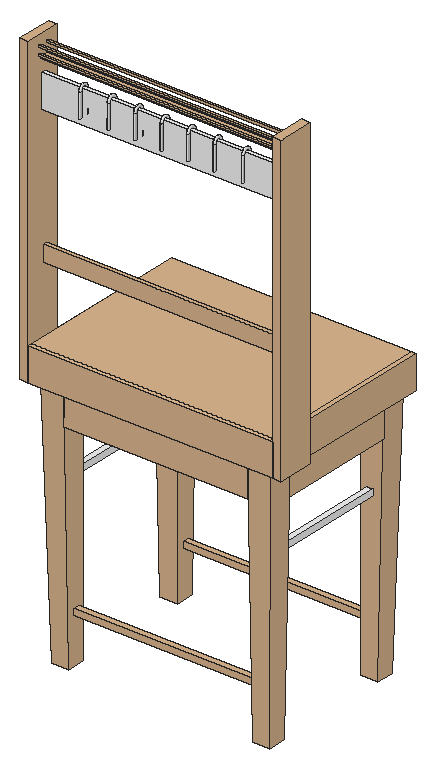
Revit family
Parameters
  Wood = Wood Solid
  Width [instance] = 2' - 8"
  Subcategory = "Recreation Equipment"
  SmartBIM Object Version = 3  # constant formula
  SmartBIM Object Created By = "Reed Construction Data"  # constant formula
  Manufacturer = ""
  Height [instance] = 5' - 9"
  Depth [instance] = 1' - 10"
  Default Elevation = 0' - 0"  # constant formula
  Assembly Code = "E2020200"
  Aluminium = Aluminum Polished
  95 CSI = "12540"
  04 CSI = "12 54 16"
Reference planes (in)
  plane 1 "Center (Front/Back)": y = 0
  plane 2: z = -0.5
  plane 3 "Center (Left/Right)": x = 0.5
  plane 4 "Back": y = 11
  plane 5 "Front": y = -11
  plane 6 "Left": x = -15.5
  plane 7 "Right": x = 16.5
  plane 8 "Top": z = 68.5
  plane 9 "Center (Up/Down)": z = 34.25
  plane 10 "Top of Butcher Block": z = 35
  plane 11: z = 31
  plane 12: x = -14.5
  plane 13: x = 15.5
  plane 14 "Top Face of Counter": z = 35.26079
  plane 15: x = -13.625
  plane 16: x = 14.625
  plane 17: y = 10.125
  plane 18: y = -10.125
  plane 19: z = 27
  plane 20 "Front Drawer Face": y = -11.25
  plane 21 "Back Drawer Face": y = 11.25
  plane 22: z = 29
  plane 23: z = 6.5
  plane 24: y = -8
  plane 25: y = -8.75
  plane 26: y = 8
  plane 27: y = 8.75
  plane 28: z = 21
  plane 29: x = 12.5
  plane 30: x = 13.25
  plane 31: x = -11.5
  plane 32: x = -12.25
  plane 33: y = -6.51861
  plane 34 "Midline": y = -8.7593
  plane 35: z = 43.26079
  plane 36: z = 45.26079
  plane 37: y = -7
  plane 38: y = -10.5
  plane 39: z = 66.5
  plane 40: z = 66.25
  plane 41 "Rack Reference": z = 64.25
  plane 42: z = 60.25
  plane 43: y = -8.25
  plane 44: z = 66.11863
  plane 45: z = 67.5
  plane 46: y = -9.2593
  plane 47: y = -8.51861
  plane 48: y = -9
Forms (in)
  Extrusion 1, solid, material "Wood Solid" <- "Wood"
    sketch origin (0, 0, 0) x (1, 0, 0) y (0, 1, 0)
      loop
        line (-14.5, 11) -> (-14.5, -11) -> (15.5, -11) -> (15.5, 11) -> (-14.5, 11)
    from 31 to 35
  Blend 2, solid, material "Wood Solid" <- "Wood"
    base sketch origin (0, 0, 35) x (-1, 0, 0) y (0, -1, 0)
      loop
        line (14.5, -11) -> (14.5, 11) -> (-15.5, 11) -> (-15.5, -11) -> (14.5, -11)
    top sketch origin (0, 0, 35) x (-1, 0, 0) y (0, -1, 0)
      loop
        line (14.25, -10.75) -> (14.25, 10.75) -> (-15.25, 10.75) -> (-15.25, -10.75) -> (14.25, -10.75)
    from 0 to 0.26079
  Blend 3, solid, material "Wood Solid" <- "Wood"
    base sketch origin (0, 0, 0) x (1, 0, 0) y (0, 1, 0)
      loop
        line (-10.75, -7.25) -> (-12.875, -7.25) -> (-12.875, -9.375) -> (-10.75, -9.375) -> (-10.75, -7.25)
    top sketch origin (0, 0, 0) x (1, 0, 0) y (0, 1, 0)
      loop
        line (-10.75, -7.25) -> (-13.625, -7.25) -> (-13.625, -10.125) -> (-10.75, -10.125) -> (-10.75, -7.25)
    from 0 to 31
  Blend 4, solid, material "Wood Solid" <- "Wood"
    base sketch origin (1, 0, 0) x (-1, 0, 0) y (0, -1, 0)
      loop
        line (-10.75, 7.25) -> (-10.75, 9.375) -> (-12.875, 9.375) -> (-12.875, 7.25) -> (-10.75, 7.25)
    top sketch origin (1, 0, 0) x (-1, 0, 0) y (0, -1, 0)
      loop
        line (-10.75, 7.25) -> (-10.75, 10.125) -> (-13.625, 10.125) -> (-13.625, 7.25) -> (-10.75, 7.25)
    from 0 to 31
  Blend 5, solid, material "Wood Solid" <- "Wood"
    base sketch origin (0, 0, 0) x (1, 0, 0) y (0, 1, 0)
      loop
        line (-10.75, 7.25) -> (-10.75, 9.375) -> (-12.875, 9.375) -> (-12.875, 7.25) -> (-10.75, 7.25)
    top sketch origin (0, 0, 0) x (1, 0, 0) y (0, 1, 0)
      loop
        line (-10.75, 7.25) -> (-10.75, 10.125) -> (-13.625, 10.125) -> (-13.625, 7.25) -> (-10.75, 7.25)
    from 0 to 31
  Blend 6, solid, material "Wood Solid" <- "Wood"
    base sketch origin (1, 0, 0) x (-1, 0, 0) y (0, -1, 0)
      loop
        line (-10.75, -7.25) -> (-12.875, -7.25) -> (-12.875, -9.375) -> (-10.75, -9.375) -> (-10.75, -7.25)
    top sketch origin (1, 0, 0) x (-1, 0, 0) y (0, -1, 0)
      loop
        line (-10.75, -7.25) -> (-13.625, -7.25) -> (-13.625, -10.125) -> (-10.75, -10.125) -> (-10.75, -7.25)
    from 0 to 31
  Extrusion 7, solid, material "Wood Solid" <- "Wood"
    sketch origin (0, 0, 0) x (1, 0, 0) y (0, 1, 0)
      loop
        line (-13.625, 7.25) -> (-13.625, -7.25) -> (-10.75, -7.25) -> (-10.75, -10.125) -> (11.75, -10.125) -> (11.75, -7.25) -> (14.625, -7.25) -> (14.625, 7.25) -> (11.75, 7.25) -> (11.75, 10.125) -> (-10.75, 10.125) -> (-10.75, 7.25) -> (-13.625, 7.25)
    from 27 to 31
  Extrusion 8, solid, material "Aluminum Polished" <- "Aluminium"
    sketch origin (0, 0, 0) x (1, 0, 0) y (0, 0, -1)
      loop
        line (-7.5, -31) -> (8.5, -31) -> (8.5, -27) -> (-7.5, -27) -> (-7.5, -31)
    from 11 to 11.25
  Extrusion 9, solid, material "Wood Solid" <- "Wood"
    sketch origin (0, 0, 0) x (1, 0, 0) y (0, 0, 1)
      loop
        line (-10.75, 6.5) -> (-10.75, 5.75) -> (11.75, 5.75) -> (11.75, 6.5) -> (-10.75, 6.5)
    from 8 to 8.75
  Extrusion 10, solid, material "Wood Solid" <- "Wood"
    sketch origin (0, 0, 0) x (1, 0, 0) y (0, 0, -1)
      loop
        line (-10.75, -6.5) -> (11.75, -6.5) -> (11.75, -5.75) -> (-10.75, -5.75) -> (-10.75, -6.5)
    from 8 to 8.75
  Extrusion 11, solid, material "Aluminum Polished" <- "Aluminium"
    sketch origin (0.5, 0, 0) x (0, 1, 0) y (0, 0, 1)
      loop
        line (7.25, 21) -> (-7.25, 21) -> (-7.25, 20.25) -> (7.25, 20.25) -> (7.25, 21)
    from 12 to 12.75
  Extrusion 12, solid, material "Aluminum Polished" <- "Aluminium"
    sketch origin (0.5, 0, 0) x (0, 1, 0) y (0, 0, -1)
      loop
        line (7.25, -21) -> (7.25, -20.25) -> (-7.25, -20.25) -> (-7.25, -21) -> (7.25, -21)
    from 12 to 12.75
  Extrusion 13, solid, material "Wood Solid" <- "Wood"
    sketch origin (0, 0, 0) x (1, 0, 0) y (0, 0, 1)
      loop
        line (-14.5, 31) -> (-14.5, 68.5) -> (-15.5, 68.5) -> (-15.5, 31) -> (-14.5, 31)
    from 6.51861 to 11
  Extrusion 14, solid, material "Wood Solid" <- "Wood"
    sketch origin (1, 0, 0) x (-1, 0, 0) y (0, 0, -1)
      loop
        line (-14.5, -31) -> (-15.5, -31) -> (-15.5, -68.5) -> (-14.5, -68.5) -> (-14.5, -31)
    from 6.51861 to 11
  Extrusion 15, solid, material "Wood Solid" <- "Wood"
    sketch origin (0, 0, 54) x (1, 0, 0) y (0, 0, 1)
      loop
        line (-14.5, 12.5) -> (-14.5, 12.25) -> (15.5, 12.25) -> (15.5, 12.5) -> (-14.5, 12.5)
    from 8 to 8.25
  Extrusion 16, solid, material "Wood Solid" <- "Wood"
    sketch origin (0, 0, 27.51079) x (1, 0, 0) y (0, 0, 1)
      loop
        line (-14.5, 17.75) -> (-14.5, 15.75) -> (15.5, 15.75) -> (15.5, 17.75) -> (-14.5, 17.75)
    from 8.25 to 8.7593
  Extrusion 17, solid, material "Wood Solid" <- "Wood"
    sketch origin (0, -18, 55) x (1, 0, 0) y (0, 0, -1)
      loop
        line (-14.5, -11.5) -> (15.5, -11.5) -> (15.5, -11.25) -> (-14.5, -11.25) -> (-14.5, -11.5)
    from 8.4907 to 8.7407
  Extrusion 18, solid, material "Wood Solid" <- "Wood"
    sketch origin (0, 0, 78.4375) x (1, 0, 0) y (0, 0, 1)
      loop
        line (-14.5, -12.5) -> (15.5, -12.5) -> (15.5, -12.31887) -> (-14.5, -12.31887) -> (-14.5, -12.5)
    from 8.25 to 9.2593
  Extrusion 19, solid, material "Wood Solid" <- "Wood"
    sketch origin (0, 0, 55) x (1, 0, 0) y (0, 0, 1)
      loop
        line (-14.5, 12.5) -> (-14.5, 12.25) -> (15.5, 12.25) -> (15.5, 12.5) -> (-14.5, 12.5)
    from 8 to 8.25
  Extrusion 20, solid, material "Wood Solid" <- "Wood"
    sketch origin (0, -17.5, 55) x (1, 0, 0) y (0, 0, -1)
      loop
        line (-14.5, -12.5) -> (15.5, -12.5) -> (15.5, -12.25) -> (-14.5, -12.25) -> (-14.5, -12.5)
    from 7.9907 to 8.2407
  Sweep 21, solid, material "Aluminum Polished" <- "Aluminium"
    path origin (0.5, 0, 0) x (0, 1, 0) y (0, 0, 1)
      loop
        line (-9.2593, 61.0625) -> (-9.2593, 64.0625)
        arc (-9.2593, 64.0625) -> (-8.75465, 64.56715) -> (-8.25, 64.0625) r 0.50465
        line (-8.25, 64.0625) -> (-8.25, 61.0625)
        arc (-8.25, 61.0625) -> (-8, 60.8125) -> (-7.75, 61.0625) r 0.25
    profile origin (0.5, -9.2593, 62.5625) x (0, -1, 0) y (1, 0, 0)
      loop
        circle (0, 0) r 0.125
  Sweep 22, solid, material "Aluminum Polished" <- "Aluminium"
    path origin (-2.75, 0, 0) x (0, 1, 0) y (0, 0, 1)
      loop
        line (-9.2593, 61.0625) -> (-9.2593, 64.0625)
        arc (-9.2593, 64.0625) -> (-8.75465, 64.56715) -> (-8.25, 64.0625) r 0.50465
        line (-8.25, 64.0625) -> (-8.25, 61.0625)
        arc (-8.25, 61.0625) -> (-8, 60.8125) -> (-7.75, 61.0625) r 0.25
    profile origin (-2.75, -9.2593, 62.5625) x (0, -1, 0) y (1, 0, 0)
      loop
        circle (0, 0) r 0.125
  Sweep 23, solid, material "Aluminum Polished" <- "Aluminium"
    path origin (-6, 0, 0) x (0, 1, 0) y (0, 0, 1)
      loop
        line (-9.2593, 61.0625) -> (-9.2593, 64.0625)
        arc (-9.2593, 64.0625) -> (-8.75465, 64.56715) -> (-8.25, 64.0625) r 0.50465
        line (-8.25, 64.0625) -> (-8.25, 61.0625)
        arc (-8.25, 61.0625) -> (-8, 60.8125) -> (-7.75, 61.0625) r 0.25
    profile origin (-6, -9.2593, 62.5625) x (0, -1, 0) y (1, 0, 0)
      loop
        circle (0, 0) r 0.125
  Sweep 24, solid, material "Aluminum Polished" <- "Aluminium"
    path origin (-9.5, 0, 0) x (0, 1, 0) y (0, 0, 1)
      loop
        line (-9.2593, 61.0625) -> (-9.2593, 64.0625)
        arc (-9.2593, 64.0625) -> (-8.75465, 64.56715) -> (-8.25, 64.0625) r 0.50465
        line (-8.25, 64.0625) -> (-8.25, 61.0625)
        arc (-8.25, 61.0625) -> (-8, 60.8125) -> (-7.75, 61.0625) r 0.25
    profile origin (-9.5, -9.2593, 62.5625) x (0, -1, 0) y (1, 0, 0)
      loop
        circle (0, 0) r 0.125
  Sweep 25, solid, material "Aluminum Polished" <- "Aluminium"
    path origin (3.75, 0, 0) x (0, 1, 0) y (0, 0, -1)
      loop
        line (-9.2593, -61.0625) -> (-9.2593, -64.0625)
        arc (-9.2593, -64.0625) -> (-8.75465, -64.56715) -> (-8.25, -64.0625) r 0.50465
        line (-8.25, -64.0625) -> (-8.25, -61.0625)
        arc (-8.25, -61.0625) -> (-8, -60.8125) -> (-7.75, -61.0625) r 0.25
    profile origin (3.75, -9.2593, 62.5625) x (0, 1, 0) y (-1, 0, 0)
      loop
        circle (0, 0) r 0.125
  Sweep 26, solid, material "Aluminum Polished" <- "Aluminium"
    path origin (7, 0, 0) x (0, 1, 0) y (0, 0, -1)
      loop
        line (-9.2593, -61.0625) -> (-9.2593, -64.0625)
        arc (-9.2593, -64.0625) -> (-8.75465, -64.56715) -> (-8.25, -64.0625) r 0.50465
        line (-8.25, -64.0625) -> (-8.25, -61.0625)
        arc (-8.25, -61.0625) -> (-8, -60.8125) -> (-7.75, -61.0625) r 0.25
    profile origin (7, -9.2593, 62.5625) x (0, 1, 0) y (-1, 0, 0)
      loop
        circle (0, 0) r 0.125
  Sweep 27, solid, material "Aluminum Polished" <- "Aluminium"
    path origin (10.5, 0, 0) x (0, 1, 0) y (0, 0, -1)
      loop
        line (-9.2593, -61.0625) -> (-9.2593, -64.0625)
        arc (-9.2593, -64.0625) -> (-8.75465, -64.56715) -> (-8.25, -64.0625) r 0.50465
        line (-8.25, -64.0625) -> (-8.25, -61.0625)
        arc (-8.25, -61.0625) -> (-8, -60.8125) -> (-7.75, -61.0625) r 0.25
    profile origin (10.5, -9.2593, 62.5625) x (0, 1, 0) y (-1, 0, 0)
      loop
        circle (0, 0) r 0.125
  Extrusion 28, solid, material "Aluminum Polished" <- "Aluminium"
    sketch origin (0, 0, 46.5) x (1, 0, 0) y (0, 0, 1)
      loop
        line (-14.5, 17.75) -> (-14.5, 13.75) -> (15.5, 13.75) -> (15.5, 17.75) -> (-14.5, 17.75)
    from 8.51861 to 9
Dimensions and locks (in)
  equal spacing: plane 6 "Left", plane 3 "Center (Left/Right)", plane 7 "Right"
  "Width": plane 6 "Left" to plane 7 "Right"
  equal spacing: plane 4 "Back", plane 1 "Center (Front/Back)", plane 5 "Front"
  "Depth": plane 4 "Back" to plane 5 "Front"
  "Height": plane 8 "Top" to plane 2
  equal spacing: plane 8 "Top", plane 9 "Center (Up/Down)", level
  locked: plane 10 "Top of Butcher Block" to level at 35
  locked: plane 10 "Top of Butcher Block" to plane 11 at 4
  locked: plane 7 "Right" to plane 13 at 1
  locked: plane 12 to plane 6 "Left" at 1
  locked: plane 14 "Top Face of Counter" to plane 10 "Top of Butcher Block" at 0.26079
  locked: plane 15 to plane 12 at 0.875
  locked: plane 13 to plane 16 at 0.875
  locked: plane 18 to plane 5 "Front" at 0.875
  locked: plane 4 "Back" to plane 17 at 0.875
  locked: plane 11 to plane 19 at 4
  locked: plane 5 "Front" to plane 20 "Front Drawer Face" at 0.25
  locked: plane 21 "Back Drawer Face" to plane 4 "Back" at 0.25
  locked: plane 11 to plane 22 at 2
  locked: plane 23 to level at 6.5
  plane 23 to Extrusion 9 sketch curve = 0' - 0 3/4"
  locked: plane 24 to plane 5 "Front" at 3
  locked: plane 24 to plane 25 at 0.75
  locked: plane 4 "Back" to plane 26 at 3
  locked: plane 27 to plane 26 at 0.75
  locked: plane 19 to plane 28 at 6
  locked: plane 13 to plane 29 at 3
  locked: plane 30 to plane 29 at 0.75
  locked: plane 31 to plane 32 at 0.75
  locked: plane 31 to plane 12 at 3
  plane 33 to plane 5 "Front" = 0' - 4.48139"
  equal spacing: plane 33, plane 34 "Midline", plane 5 "Front"
  locked: plane 14 "Top Face of Counter" to plane 35 at 8
  locked: plane 36 to plane 35 at 2
  locked: plane 38 to plane 5 "Front" at 0.5
  plane 33 to plane 37 = 0' - 0.48139"
  locked: plane 8 "Top" to plane 39 at 2
  locked: plane 39 to plane 40 at 0.25
  locked: plane 40 to plane 41 "Rack Reference" at 2
  locked: plane 41 "Rack Reference" to plane 42 at 4
  locked: plane 24 to plane 43 at 0.25
  locked: Extrusion 15 to Extrusion 15 at 0.25
  locked: Extrusion 17 to Extrusion 17 at 0.25
  Extrusion 18 to Extrusion 18 = 0' - 1.0093"
  locked: plane 40 to plane 44 at 0.13137
  locked: Extrusion 18 to Extrusion 18 at 0.18113
  locked: plane 8 "Top" to plane 45 at 1
  locked: Extrusion 19 to Extrusion 19 at 0.25
  locked: Extrusion 20 to Extrusion 20 at 0.25
  locked: plane 34 "Midline" to plane 46 at 0.5
  locked: plane 34 "Midline" to plane 48 at 0.2407
  locked: plane 47 to plane 34 "Midline" at 0.2407
  aligned and locked: Extrusion 1 sketch curve to plane 4 "Back"
  aligned and locked: Extrusion 1 sketch curve to plane 5 "Front"
  aligned and locked: plane 13 to Extrusion 1
  aligned and locked: Blend 2 sketch curve to plane 12
  aligned and locked: Blend 2 sketch curve to plane 4 "Back"
  aligned and locked: Blend 2 sketch curve to plane 13
  aligned and locked: Blend 2 sketch curve to plane 5 "Front"
  aligned and locked: plane 14 "Top Face of Counter" to Blend 2
  aligned and locked: Blend 3 sketch curve to plane 18
  aligned and locked: plane 11 to Blend 3
  aligned and locked: Blend 3 to level
  aligned and locked: plane 16 to Blend 4
  aligned and locked: plane 18 to Blend 4
  aligned and locked: plane 16 to Blend 6
  aligned and locked: Blend 6 to plane 17
  aligned and locked: Blend 5 to plane 17
  aligned and locked: Blend 5 to plane 15
  aligned and locked: Extrusion 7 sketch curve to plane 15
  aligned and locked: Extrusion 7 sketch curve to Blend 5  (x2)
  aligned and locked: Extrusion 7 sketch curve to plane 17
  aligned and locked: Extrusion 7 sketch curve to Blend 6  (x2)
  aligned and locked: Extrusion 7 sketch curve to plane 16
  aligned and locked: Extrusion 7 sketch curve to Blend 4  (x2)
  aligned and locked: Extrusion 7 sketch curve to plane 18
  aligned and locked: Extrusion 7 sketch curve to Blend 3  (x2)
  aligned and locked: plane 11 to Extrusion 7
  aligned and locked: Extrusion 7 to plane 19
  aligned and locked: plane 21 "Back Drawer Face" to Extrusion 8
  aligned and locked: Extrusion 8 to plane 4 "Back"
  aligned and locked: nested 1 to plane 21 "Back Drawer Face"
  aligned and locked: plane 22 to nested 1
  aligned and locked: Blend 3 to Extrusion 9 sketch curve
  aligned and locked: Extrusion 9 sketch curve to plane 23
  aligned and locked: Blend 4 to Extrusion 9 sketch curve
  aligned and locked: plane 24 to Extrusion 9
  aligned and locked: plane 25 to Extrusion 9
  aligned and locked: plane 23 to Extrusion 10
  aligned and locked: plane 26 to Extrusion 10
  aligned and locked: Extrusion 10 to plane 27
  aligned and locked: Extrusion 7 to Extrusion 10  (x2)
  aligned and locked: Extrusion 11 sketch curve to plane 28
  aligned and locked: Blend 5 to Extrusion 11 sketch curve
  aligned and locked: Blend 3 to Extrusion 11 sketch curve
  aligned and locked: plane 30 to Extrusion 11
  aligned and locked: Extrusion 11 to plane 29
  aligned and locked: Extrusion 7 to Extrusion 11  (x2)
  aligned and locked: plane 28 to Extrusion 12
  aligned and locked: plane 31 to Extrusion 12
  aligned and locked: Extrusion 12 to plane 32
  aligned and locked: Extrusion 7 to Extrusion 12  (x2)
  aligned and locked: Extrusion 13 sketch curve to plane 8 "Top"
  aligned and locked: plane 6 "Left" to Extrusion 13 sketch curve
  aligned and locked: Extrusion 13 sketch curve to plane 12
  aligned and locked: plane 11 to Extrusion 13 sketch curve
  aligned and locked: plane 8 "Top" to Extrusion 14
  aligned and locked: plane 7 "Right" to Extrusion 14
  aligned and locked: Extrusion 14 to plane 11
  aligned and locked: Extrusion 14 to plane 13
  aligned and locked: Extrusion 13 to plane 5 "Front"
  aligned and locked: Extrusion 14 to plane 5 "Front"
  aligned and locked: Extrusion 13 to plane 33
  aligned and locked: Extrusion 14 to plane 33
  aligned and locked: Extrusion 15 to Extrusion 13
  aligned and locked: Extrusion 15 to Extrusion 14
  aligned and locked: plane 39 to Extrusion 15
  aligned and locked: Extrusion 15 to plane 40
  aligned and locked: plane 36 to Extrusion 16
  aligned and locked: Extrusion 16 to plane 12
  aligned and locked: plane 13 to Extrusion 16
  aligned and locked: plane 35 to Extrusion 16  (x2)
  aligned and locked: Extrusion 15 to plane 43
  aligned and locked: Extrusion 17 to plane 40
  aligned and locked: plane 39 to Extrusion 17
  aligned and locked: plane 44 to Extrusion 18
  aligned and locked: plane 43 to Extrusion 18
  aligned and locked: plane 45 to Extrusion 20
  aligned and locked: plane 45 to Extrusion 19
  aligned and locked: Extrusion 19 to plane 43
  aligned and locked: Extrusion 17 to plane 46
  aligned and locked: Extrusion 18 to Extrusion 17
  aligned and locked: plane 46 to Extrusion 17
  aligned and locked: Extrusion 17 to plane 39
  aligned and locked: Extrusion 20 to plane 46
  aligned and locked: Extrusion 20 to plane 45
  aligned and locked: plane 43 to Extrusion 16
  aligned and locked: plane 34 "Midline" to Extrusion 16
  aligned and locked: Extrusion 16 to plane 36
  aligned and locked: Extrusion 28 to plane 48
  aligned and locked: Extrusion 28 to plane 47
  aligned and locked: plane 41 "Rack Reference" to Extrusion 28
  aligned and locked: Extrusion 28 to plane 42
Automatic sketch dimensions
  Extrusion 1 sketch curve to plane 12 = 0' - 0"
  Extrusion 1 sketch curve to plane 13 = 0' - 0"
  Blend 2 sketch curve to plane 13 = 0' - 0 1/4"
  plane 12 to Blend 2 sketch curve = 0' - 0 1/4"
  Blend 2 sketch curve to plane 4 "Back" = 0' - 0 1/4"
  plane 5 "Front" to Blend 2 sketch curve = 0' - 0 1/4"
  plane 37 to Blend 3 sketch curve = 0' - 0 1/4"  (x2)
  Blend 3 sketch curve to plane 32 = 0' - 0 5/8"
  plane 31 to Blend 3 sketch curve = 0' - 0 3/4"  (x2)
  plane 46 to Blend 3 sketch curve = 0' - 0.1157"
  Blend 3 sketch curve to plane 15 = 0' - 0"
  Blend 4 sketch curve to plane 37 = 0' - 0 1/4"  (x2)
  Blend 4 sketch curve to plane 30 = 0' - 0 5/8"
  plane 29 to Blend 4 sketch curve = 0' - 0 3/4"  (x2)
  Blend 4 sketch curve to plane 46 = 0' - 0.1157"
  Blend 4 sketch curve to plane 16 = 0' - 0"
  Blend 4 sketch curve to plane 18 = 0' - 0"
  plane 32 to Blend 5 sketch curve = 0' - 0 5/8"
  Blend 5 sketch curve to plane 31 = 0' - 0 3/4"  (x2)
  plane 27 to Blend 5 sketch curve = 0' - 0 5/8"
  Blend 5 sketch curve to plane 26 = 0' - 0 3/4"  (x2)
  Blend 5 sketch curve to plane 15 = 0' - 0"
  Blend 5 sketch curve to plane 17 = 0' - 0"
  plane 30 to Blend 6 sketch curve = 0' - 0 5/8"
  Blend 6 sketch curve to plane 29 = 0' - 0 3/4"  (x2)
  Blend 6 sketch curve to plane 27 = 0' - 0 5/8"
  plane 26 to Blend 6 sketch curve = 0' - 0 3/4"  (x2)
  Blend 6 sketch curve to plane 16 = 0' - 0"
  Blend 6 sketch curve to plane 17 = 0' - 0"
  Extrusion 8 sketch curve to plane 11 = 0' - 0"
  Extrusion 8 sketch curve to plane 19 = 0' - 0"
  plane 31 to Extrusion 8 sketch curve = 0' - 4"
  Extrusion 8 sketch curve to plane 29 = 0' - 4"
  Extrusion 10 sketch curve to plane 23 = 0' - 0"
  plane 31 to Extrusion 10 sketch curve = 0' - 0 3/4"
  Extrusion 10 sketch curve to plane 29 = 0' - 0 3/4"
  Extrusion 10 sketch curve to plane 23 = 0' - 0 3/4"
  Extrusion 11 sketch curve to plane 28 = 0' - 0 3/4"
  Extrusion 12 sketch curve to plane 28 = 0' - 0"
  plane 37 to Extrusion 12 sketch curve = 0' - 0 1/4"
  plane 26 to Extrusion 12 sketch curve = 0' - 0 3/4"
  Extrusion 12 sketch curve to Extrusion 12 sketch curve = 0' - 0 3/4"
  Extrusion 14 sketch curve to plane 7 "Right" = 0' - 0"
  Extrusion 14 sketch curve to plane 8 "Top" = 0' - 0"
  Extrusion 14 sketch curve to plane 13 = 0' - 0"
  Extrusion 14 sketch curve to plane 11 = 0' - 0"
  Extrusion 15 sketch curve to plane 12 = 0' - 0"
  Extrusion 15 sketch curve to plane 13 = 0' - 0"
  Extrusion 15 sketch curve to plane 40 = 0' - 0"
  Extrusion 15 sketch curve to plane 39 = 0' - 0"
  Extrusion 16 sketch curve to plane 12 = 0' - 0"
  Extrusion 16 sketch curve to plane 13 = 0' - 0"
  Extrusion 16 sketch curve to plane 35 = 0' - 0"
  Extrusion 16 sketch curve to plane 36 = 0' - 0"
  Extrusion 17 sketch curve to plane 12 = 0' - 0"
  Extrusion 17 sketch curve to plane 13 = 0' - 0"
  Extrusion 17 sketch curve to plane 39 = 0' - 0"
  Extrusion 17 sketch curve to plane 40 = 0' - 0"
  Extrusion 18 sketch curve to plane 12 = 0' - 0"
  Extrusion 18 sketch curve to plane 13 = 0' - 0"
  Extrusion 18 sketch curve to plane 44 = 0' - 0"
  plane 44 to Extrusion 18 sketch curve = 0' - 0.18113"
  Extrusion 19 sketch curve to plane 12 = 0' - 0"
  Extrusion 19 sketch curve to plane 13 = 0' - 0"
  Extrusion 19 sketch curve to plane 45 = 0' - 0"
  Extrusion 19 sketch curve to Extrusion 19 sketch curve = 0' - 0 1/4"
  Extrusion 20 sketch curve to plane 12 = 0' - 0"
  Extrusion 20 sketch curve to plane 13 = 0' - 0"
  Extrusion 20 sketch curve to plane 45 = 0' - 0"
  Extrusion 20 sketch curve to plane 45 = 0' - 0 1/4"
  Sweep 21 sketch curve to plane 46 = 0' - 0"
  Sweep 21 sketch curve to plane 43 = 0' - 0"
  Sweep 21 sketch curve to plane 24 = 0' - 0"
  plane 42 to Sweep 21 sketch curve = 0' - 0 13/16"  (x2)
  Sweep 21 sketch curve to plane 41 "Rack Reference" = 0' - 0 3/16"
  Sweep 21 sketch curve to plane 3 "Center (Left/Right)" = 0' - 0"
  Sweep 21 sketch curve to profile plane = 0' - 0"
  Sweep 22 sketch curve to plane 46 = 0' - 0"
  Sweep 22 sketch curve to plane 43 = 0' - 0"
  Sweep 22 sketch curve to plane 24 = 0' - 0"
  plane 42 to Sweep 22 sketch curve = 0' - 0 13/16"  (x2)
  Sweep 22 sketch curve to plane 41 "Rack Reference" = 0' - 0 3/16"
  Sweep 22 sketch curve to profile plane = 0' - 0"  (x2)
  Sweep 23 sketch curve to plane 46 = 0' - 0"
  Sweep 23 sketch curve to plane 43 = 0' - 0"
  Sweep 23 sketch curve to plane 24 = 0' - 0"
  plane 42 to Sweep 23 sketch curve = 0' - 0 13/16"  (x2)
  Sweep 23 sketch curve to plane 41 "Rack Reference" = 0' - 0 3/16"
  Sweep 23 sketch curve to profile plane = 0' - 0"  (x2)
  Sweep 24 sketch curve to plane 46 = 0' - 0"
  Sweep 24 sketch curve to plane 43 = 0' - 0"
  Sweep 24 sketch curve to plane 24 = 0' - 0"
  plane 42 to Sweep 24 sketch curve = 0' - 0 13/16"  (x2)
  Sweep 24 sketch curve to plane 41 "Rack Reference" = 0' - 0 3/16"
  Sweep 24 sketch curve to profile plane = 0' - 0"  (x2)
  Sweep 25 sketch curve to plane 46 = 0' - 0"
  Sweep 25 sketch curve to plane 43 = 0' - 0"
  Sweep 25 sketch curve to plane 24 = 0' - 0"
  Sweep 25 sketch curve to plane 41 "Rack Reference" = 0' - 0 3/16"
  plane 42 to Sweep 25 sketch curve = 0' - 0 13/16"  (x2)
  Sweep 25 sketch curve to profile plane = 0' - 0"  (x2)
  Sweep 26 sketch curve to plane 46 = 0' - 0"
  Sweep 26 sketch curve to plane 43 = 0' - 0"
  Sweep 26 sketch curve to plane 24 = 0' - 0"
  Sweep 26 sketch curve to plane 41 "Rack Reference" = 0' - 0 3/16"
  plane 42 to Sweep 26 sketch curve = 0' - 0 13/16"  (x2)
  Sweep 26 sketch curve to profile plane = 0' - 0"  (x2)
  Sweep 27 sketch curve to plane 46 = 0' - 0"
  Sweep 27 sketch curve to plane 43 = 0' - 0"
  Sweep 27 sketch curve to plane 24 = 0' - 0"
  Sweep 27 sketch curve to plane 41 "Rack Reference" = 0' - 0 3/16"
  plane 42 to Sweep 27 sketch curve = 0' - 0 13/16"  (x2)
  Sweep 27 sketch curve to profile plane = 0' - 0"  (x2)
  Extrusion 28 sketch curve to plane 12 = 0' - 0"
  Extrusion 28 sketch curve to plane 13 = 0' - 0"
  Extrusion 28 sketch curve to plane 41 "Rack Reference" = 0' - 0"
  Extrusion 28 sketch curve to plane 41 "Rack Reference" = 0' - 4"
  radius of Sweep 21 sketch curve = 0' - 0 1/8"
  radius of Sweep 22 sketch curve = 0' - 0 1/8"
  radius of Sweep 23 sketch curve = 0' - 0 1/8"
  radius of Sweep 24 sketch curve = 0' - 0 1/8"
  radius of Sweep 25 sketch curve = 0' - 0 1/8"
  radius of Sweep 26 sketch curve = 0' - 0 1/8"
  radius of Sweep 27 sketch curve = 0' - 0 1/8"
Nested families (in)
  nested 1: "Pull" at (1, 11.75, 17.5) x (-1, 0, 0) z (0, 0, 1), type "Pull"
Definition of nested family "Pull"
  Parameters (values of type "Pull")
    Width = 0' - 3"
    Pull = none
    Height = 1' - 11"
    Depth = 0' - 1"
    Assembly Code = ""
  Reference planes (in)
    plane 1 "Center (Front/Back)": y = 0
    plane 2: z = 0
    plane 3 "Center (Left/Right)": x = 0.5
    plane 4 "Back": y = 0.5
    plane 5 "Front": y = -0.5
    plane 6 "Left": x = -1
    plane 7 "Right": x = 2
    plane 8 "Top": z = 23
    plane 9 "Center (Top/Bottom)": z = 11.5
  Forms (in)
    Sweep 1, solid, material <- "Pull"
      path origin (0, 0, 11.5) x (-1, 0, 0) y (0, -1, 0)
        loop
          line (1, -0.5) -> (1, 0)
          arc (1, 0) -> (0.85355, 0.35355) -> (0.5, 0.5) r 0.5
          line (0.5, 0.5) -> (-1.5, 0.5)
          arc (-1.5, 0.5) -> (-1.85355, 0.35355) -> (-2, 0) r 0.5
          line (-2, 0) -> (-2, -0.5)
      profile origin (-1, 0.25, 11.5) x (1, 0, 0) y (0, 0, 1)
        loop
          circle (0, 0) r 0.25
  Dimensions and locks (in)
    equal spacing: plane 6 "Left", plane 3 "Center (Left/Right)", plane 7 "Right"
    "Width": plane 6 "Left" to plane 7 "Right"
    equal spacing: plane 4 "Back", plane 1 "Center (Front/Back)", plane 5 "Front"
    "Depth": plane 4 "Back" to plane 5 "Front"
    "Height": plane 8 "Top" to plane 2
    equal spacing: plane 8 "Top", plane 9 "Center (Top/Bottom)", level
    aligned and locked: Sweep 1 sketch curve to plane 6 "Left"
    aligned and locked: Sweep 1 sketch curve to plane 7 "Right"
    aligned and locked: plane 4 "Back" to Sweep 1 sketch curve  (x2)
    aligned and locked: plane 5 "Front" to Sweep 1 sketch curve
  Automatic sketch dimensions
    Sweep 1 sketch curve to plane 9 "Center (Top/Bottom)" = 0' - 0"
    Sweep 1 sketch curve to profile plane = 0' - 0"
    Sweep 1 sketch curve to plane 7 "Right" = 0' - 0 1/2"
    plane 6 "Left" to Sweep 1 sketch curve = 0' - 0 1/2"
    radius of Sweep 1 sketch curve = 0' - 0 1/4"
